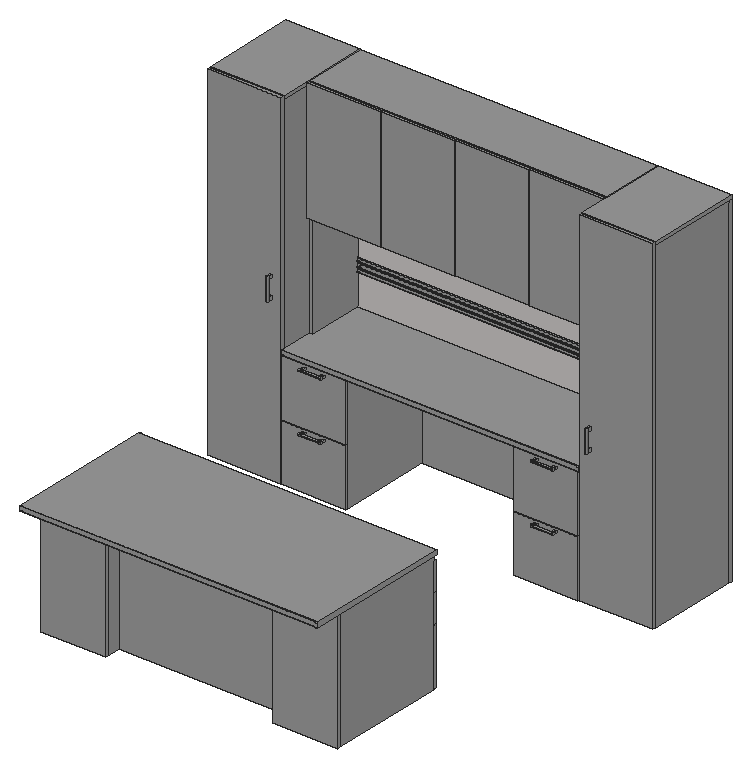
Revit family "JSI-Vision-Typical_Laminate-VST104", category Furniture, Revit 2020
Family settings
  OmniClass Number = 23.40.20.00
  OmniClass Title = General Furniture and Specialties
  Work Plane-Based = No
  Always vertical = Yes
  Cut with Voids When Loaded = No
  Shared = No
  Room Calculation Point = No
Parameters (values of type "VST104")
  URL = "www.jsifurniture.com"
  Type Comments = "Typical Laminate"  # constant formula
  Model = "VST104"
  Manufacturer = "JSI"  # constant formula
  Keynote = "12500"
  Default Elevation = 0"
  Assembly Code = "E2020200"
Reference planes (in)
  plane 1 "Center Front/Back": y = 0
  plane 2: z = 0
  plane 3 "Center Left/Right": x = 0
Dimensions and locks (in)
  aligned and locked: level to plane 2
Nested families (in)
  nested 1: "JSI-Vision-Double_Height_Overhead_Cabinets" at (17.875, 0, -0.81041), type "VST1672DSO, Laminate Dbl H OH Cab. 16" x 72", 4 Doors"
    with Verticall Partition Distance 35 3/4", Unit Centre 36", Width 72", Door Width Actual 17 25/32", Door Array Spacing 17 29/32", Door Width 17 25/32", # of Doors 4
  nested 2: "JSI-Vision-Accessory_Rail" at (17.9375, 0.22625, -4.56041), type "VSB72AR, Accessory Rail for 72" W Storage Overhead Cabinet"
    with Width 70 1/8"
  nested 3: "JSI-Vision-Tackboard_For_Accessory_Rail" at (17.9375, 0, -4.56041), type "VSB7223TKA, Tackboard for Accessory Rail Overhead Cabinet"
    with Width 70 1/8"
  nested 4: "JSI-Vision-Wardrobe" at (0, 0, 0), type "VST2418-84WL - Wardrobe - 1 Doors 30"W x 24"D x 84"H"
    with Vertical Partition no, Width 18", Unit Centre 8 15/16", Shelve Width 7 13/16", Right surface Dist. to Vertical Partition 3/4", Right Door no, Pull Distance 15 1/4", Left Shelves no, Door Width 17 3/4", Bottom-Right Shelves yes, Actual Width 17 7/8"
  nested 5: "JSI-Vision-Kneespace_Credenza" at (17.875, -0.125, 0), type "VST2472KC, Laminate Kneespace Credenza 24" x 72""
    with Height 29.187"
  nested 6: "JSI-Vision-Double_Pedestal_Desk-Break_Front_Modesty" at (53.81087, -92.15852, 0) x (-1, 0, 0) z (0, 0, 1), type "VST3672DD, Laminate 36 x 72 Dbl Ped, Brk Frnt Modesty"
    with Height 30"
  nested 7: "JSI-Vision-Storage_Cabinet" at (89.9375, 0, 0), type "VST2418-84HR, Laminate 84" H Strg Cab24" x 18""
    with Width 17.88", Unit Centre 8.8775", Shelve Width 16.255", Actual Width 17.755"
Definition of nested family "JSI-Vision-Double_Height_Overhead_Cabinets"
  Parameters (values of type "Double Height Overhead Cabbinet - Type Catalog Family")
    Verticall Partition Distance = (Door Width * 2) + 3/16"  # 29 13/16"
    Unit Centre = Width / 2  # 45"
    Top = none
    Width = 90"
    URL = "www.jsifurniture.com"
    Type Comments = ""
    Tag = "6 Doors"
    Series = "Vision Casegoods"  # constant formula
    Right Vertical Partition = yes
    Overhead Height = 26 1/2"
    Model = "Type Catalog"
    Material = ""
    Manufacturer = "JSI"  # constant formula
    Left Vertical Partition = yes
    Keynote = "12500"  # constant formula
    JSI Enviromental Website = "http://www.jsifurniture.com/jsi_sustainability_intro.php"
    Height = 54"
    Grommet Finish = none
    Gromett Height = 24 5/8"
    Door Width Actual = if(# of Doors > 4, ((Width - 1 1/8") / # of Doors), if(# of Doors > 3, (((Width - 1 1/8") / # of Doors) + 1/16"), if(# of Doors > 2, (((Width - 1 1/8") / # of Doors) + 1/8"), (((Width - 1 1/8") / # of Doors) + 1/4"))))  # 14 13/16"
    Door Array Spacing = Door Width + 1/8"  # 14 15/16"
    Door Width = Door Width Actual  # 14 13/16"
    Door Front = none
    Description = "Type Catalog"
    Depth = 16"
    Default Elevation = 0"
    Chassis = none
    Assembly Code = "E2020200"
    # of Doors = if(Width > 89", 6, (if(Width > 53", 4, (if(Width > 41", 3, (if(Width > 30", 2, 2)))))))  # 6
  Reference planes (in)
    plane 1 "Center Front/Back": y = 0
    plane 2: z = 30
    plane 3 "Center Left/Right": x = 0
    plane 4: z = 0
    plane 5: y = -0.125
    plane 6: x = 90
    plane 7: x = 0.125
    plane 8: x = 89.875
    plane 9: y = -15.5625
    plane 10: y = -16
    plane 11: z = 84.5
    plane 12: z = 84
    plane 13: x = 0.875
    plane 14: x = 89.125
    plane 15: y = -0.875
    plane 16: y = -0.9375
    plane 17: y = -1.6875
    plane 18: z = 83.75
    plane 19: z = 56.5
    plane 20: z = 57.25
    plane 21: z = 55
    plane 22: y = -14.8125
    plane 23: y = -14.0625
    plane 24: z = 70.5
    plane 25: z = 70.875
    plane 26: z = 70.125
    plane 27: x = 0.25
    plane 28: x = 89.75
    plane 29: z = 84.4375
    plane 30: z = 55.1875
    plane 31: y = -15.6875
    plane 32: y = -16.4375
    plane 33: x = 18.0625
    plane 34: x = 18.1875
    plane 35: x = 18.125
    plane 36: x = 45
    plane 37: x = 30.0625
    plane 38: x = 59.9375
    plane 39: x = 29.6875
    plane 40: x = 30.4375
    plane 41: x = 59.5625
    plane 42: x = 60.3125
    plane 43 "Not a Reference": x = 6.875
    plane 44: x = 83.125
  Forms (in)
    Extrusion 1, solid, material <- "Chassis"
      sketch origin (0, 0, 0) x (1, 0, 0) y (0, 1, 0)
        loop
          line (0.125, -0.125) -> (0.125, -15.5625) -> (0.875, -15.5625) -> (0.875, -0.125) -> (0.125, -0.125)
      from 30 to 83.75
    Extrusion 2, solid, material <- "Chassis"
      sketch origin (0, 0, 0) x (1, 0, 0) y (0, 1, 0)
        loop
          line (89.875, -0.125) -> (89.125, -0.125) -> (89.125, -15.5625) -> (89.875, -15.5625) -> (89.875, -0.125)
      from 30 to 83.75
    Extrusion 3, solid, material <- "Top"
      sketch origin (0, 0, 30) x (1, 0, 0) y (0, 0, 1)
        loop
          line (0.125, 54.5) -> (0.125, 53.75) -> (89.875, 53.75) -> (89.875, 54.5) -> (0.125, 54.5)
      from 0.125 to 15.5625
    Extrusion 4, solid, material <- "Chassis"
      sketch origin (0, 0, 30) x (1, 0, 0) y (0, 0, 1)
        loop
          line (0.875, 27.25) -> (0.875, 26.5) -> (89.125, 26.5) -> (89.125, 27.25) -> (0.875, 27.25)
      from 1.6875 to 15.5625
    Extrusion 5, solid, material <- "Chassis"
      sketch origin (0, 0, 0) x (1, 0, 0) y (0, 1, 0)
        loop
          line (0.875, -14.0625) -> (0.875, -14.8125) -> (89.125, -14.8125) -> (89.125, -14.0625) -> (0.875, -14.0625)
      from 55 to 56.5
    Extrusion 6, solid, material <- "Chassis"
      sketch origin (0, 0, 30) x (1, 0, 0) y (0, 0, 1)
        loop
          line (0.875, 40.875) -> (0.875, 40.125) -> (89.125, 40.125) -> (89.125, 40.875) -> (0.875, 40.875)
      from 1.6875 to 15.5625
    Extrusion 7, solid, material <- "Door Front"
      sketch origin (-3, 0, 30) x (1, 0, 0) y (0, 1, 0)
        loop
          line (3.25, -15.6875) -> (3.25, -16.4375) -> (18.0625, -16.4375) -> (18.0625, -15.6875) -> (3.25, -15.6875)
      from 25.1875 to 54.4375
    Extrusion 8, solid, material <- "Door Front"
      sketch origin (11.9375, 0, 30) x (1, 0, 0) y (0, 1, 0)
        loop
          line (3.25, -15.6875) -> (3.25, -16.4375) -> (18.0625, -16.4375) -> (18.0625, -15.6875) -> (3.25, -15.6875)
      from 25.1875 to 54.4375
    Extrusion 9, solid, material <- "Chassis", visible <- "Left Vertical Partition"
      sketch origin (0, 0, 0) x (1, 0, 0) y (0, 1, 0)
        loop
          line (29.6875, -1.6875) -> (29.6875, -15.5625) -> (30.4375, -15.5625) -> (30.4375, -1.6875) -> (29.6875, -1.6875)
      from 57.25 to 83.75
    Extrusion 10, solid, material <- "Chassis", visible <- "Right Vertical Partition"
      sketch origin (0, 0, 0) x (1, 0, 0) y (0, 1, 0)
        loop
          line (59.5625, -1.6875) -> (59.5625, -15.5625) -> (60.3125, -15.5625) -> (60.3125, -1.6875) -> (59.5625, -1.6875)
      from 57.25 to 83.75
    Extrusion 11, solid, material <- "Chassis"
      sketch origin (130.61992, -0.9375, 78) x (1, 0, 0) y (0, 0, 1)
        loop
          line (-129.74492, 5.75) -> (-129.74492, -48) -> (-41.49492, -48) -> (-41.49492, 5.75) -> (-129.74492, 5.75)
        loop
          circle (-117.11978, -22.09427) r 0.33594
        loop
          circle (-54.12006, -22.09427) r 0.33594
      from 0 to 0.75
    Extrusion 12, solid, material <- "Door Front"
      sketch origin (26.875, 0, 30) x (1, 0, 0) y (0, 1, 0)
        loop
          line (3.25, -15.6875) -> (3.25, -16.4375) -> (18.0625, -16.4375) -> (18.0625, -15.6875) -> (3.25, -15.6875)
      from 25.1875 to 54.4375
    Extrusion 13, solid, material <- "Door Front"
      sketch origin (41.8125, 0, 30) x (1, 0, 0) y (0, 1, 0)
        loop
          line (3.25, -15.6875) -> (3.25, -16.4375) -> (18.0625, -16.4375) -> (18.0625, -15.6875) -> (3.25, -15.6875)
      from 25.1875 to 54.4375
    Extrusion 14, solid, material <- "Door Front"
      sketch origin (56.75, 0, 30) x (1, 0, 0) y (0, 1, 0)
        loop
          line (3.25, -15.6875) -> (3.25, -16.4375) -> (18.0625, -16.4375) -> (18.0625, -15.6875) -> (3.25, -15.6875)
      from 25.1875 to 54.4375
    Extrusion 15, solid, material <- "Door Front"
      sketch origin (71.6875, 0, 30) x (1, 0, 0) y (0, 1, 0)
        loop
          line (3.25, -15.6875) -> (3.25, -16.4375) -> (18.0625, -16.4375) -> (18.0625, -15.6875) -> (3.25, -15.6875)
      from 25.1875 to 54.4375
  Lines and regions (in)
    symbolic lines
      curve 1: line (0.125, -0.125, 0) -> (0.125, -15.5625, 0)
      curve 2: line (0.125, -15.5625, 0) -> (89.875, -15.5625, 0)
      curve 3: line (89.875, -15.5625, 0) -> (89.875, -0.125, 0)
      curve 4: line (89.875, -0.125, 0) -> (0.125, -0.125, 0)
      curve 5: line (0.25, -15.6875, 0) -> (15.0625, -15.6875, 0)
      curve 6: line (0.25, -16.4375, 0) -> (0.25, -15.6875, 0)
      curve 7: line (15.0625, -16.4375, 0) -> (0.25, -16.4375, 0)
      curve 8: line (15.0625, -15.6875, 0) -> (15.0625, -16.4375, 0)
      curve 9: line (15.1875, -15.6875, 0) -> (30, -15.6875, 0)
      curve 10: line (15.1875, -16.4375, 0) -> (15.1875, -15.6875, 0)
      curve 11: line (30, -16.4375, 0) -> (15.1875, -16.4375, 0)
      curve 12: line (30, -15.6875, 0) -> (30, -16.4375, 0)
      curve 13: line (30.125, -15.6875, 0) -> (44.9375, -15.6875, 0)
      curve 14: line (30.125, -16.4375, 0) -> (30.125, -15.6875, 0)
      curve 15: line (44.9375, -16.4375, 0) -> (30.125, -16.4375, 0)
      curve 16: line (44.9375, -15.6875, 0) -> (44.9375, -16.4375, 0)
      curve 17: line (45.0625, -15.6875, 0) -> (59.875, -15.6875, 0)
      curve 18: line (45.0625, -16.4375, 0) -> (45.0625, -15.6875, 0)
      curve 19: line (59.875, -16.4375, 0) -> (45.0625, -16.4375, 0)
      curve 20: line (59.875, -15.6875, 0) -> (59.875, -16.4375, 0)
      curve 21: line (60, -15.6875, 0) -> (74.8125, -15.6875, 0)
      curve 22: line (60, -16.4375, 0) -> (60, -15.6875, 0)
      curve 23: line (74.8125, -16.4375, 0) -> (60, -16.4375, 0)
      curve 24: line (74.8125, -15.6875, 0) -> (74.8125, -16.4375, 0)
      curve 25: line (74.9375, -15.6875, 0) -> (89.75, -15.6875, 0)
      curve 26: line (74.9375, -16.4375, 0) -> (74.9375, -15.6875, 0)
      curve 27: line (89.75, -16.4375, 0) -> (74.9375, -16.4375, 0)
      curve 28: line (89.75, -15.6875, 0) -> (89.75, -16.4375, 0)
  Dimensions and locks (in)
    plane 3 "Center Left/Right" to plane 7 to plane 27 = 1/8" locked, 1/8" locked
    plane 28 to plane 8 to plane 6 = 1/8" locked, 1/8" locked
    locked: plane 5 to plane 1 "Center Front/Back" at 0.125
    plane 10 to plane 9 to plane 22 to plane 23 = 7/16" locked, 3/4" locked, 3/4" locked
    "Width": plane 3 "Center Left/Right" to plane 6
    "Depth": plane 10 to plane 1 "Center Front/Back"
    locked: plane 11 to plane 12 at 0.5
    locked: plane 7 to plane 13 at 0.75
    locked: plane 14 to plane 8 at 0.75
    locked: plane 15 to plane 5 at 0.75
    plane 17 to plane 16 to plane 5 = 3/4" locked, 13/16" locked
    locked: plane 11 to plane 18 at 0.75
    plane 20 to plane 19 to plane 21 = 3/4" locked, 1 1/2" locked
    equal spacing: plane 18, plane 24, plane 20
    plane 25 to plane 24 to plane 26 = 3/8" locked, 3/8" locked
    locked: plane 11 to plane 29 at 0.0625
    locked: plane 30 to plane 21 at 0.1875
    plane 32 to plane 31 to plane 9 = 3/4" locked, 1/8" locked
    plane 33 to plane 35 to plane 34 = 1/16" locked, 1/16" locked
    "Door Width": Extrusion 7 sketch curve to Extrusion 7 sketch curve
    "Door Width": Extrusion 8 sketch curve to Extrusion 8 sketch curve
    equal spacing: group 1, group 2, group 3, group 4, group 5, group 6  (x3)
    "Door Array Spacing": Extrusion 7 to Extrusion 8
    "Verticall Partition Distance": plane 27 to plane 37
    plane 39 to plane 37 to plane 40 = 3/8" locked, 3/8" locked
    plane 41 to plane 38 to plane 42 = 3/8" locked, 3/8" locked
    "Verticall Partition Distance": plane 38 to plane 28
    "Unit Centre": plane 3 "Center Left/Right" to plane 36
    locked: plane 13 to plane 43 "Not a Reference" at 6
    locked: plane 44 to plane 14 at 6
    locked: plane 12 to plane 2 at 54
    "Overhead Height": plane 19 to plane 2
    plane 2 to level = 30"
    "Door Width": Extrusion 12 sketch curve to Extrusion 12 sketch curve
    "Door Width": Extrusion 13 sketch curve to Extrusion 13 sketch curve
    "Door Width": Extrusion 14 sketch curve to Extrusion 14 sketch curve
    "Door Width": Extrusion 15 sketch curve to Extrusion 15 sketch curve
    locked: Extrusion 11 sketch curve to Extrusion 11 sketch curve at 12.62514  (x2)
    locked: Extrusion 11 sketch curve to Extrusion 11 sketch curve at 27.84427  (x2)
    aligned and locked: plane 5 to Extrusion 1 sketch curve
    aligned and locked: plane 7 to Extrusion 1 sketch curve
    aligned and locked: Extrusion 1 sketch curve to plane 13
    aligned and locked: Extrusion 2 sketch curve to plane 5
    aligned and locked: plane 8 to Extrusion 2 sketch curve
    aligned and locked: Extrusion 2 sketch curve to plane 14
    aligned and locked: Extrusion 3 sketch curve to plane 11
    aligned and locked: plane 7 to Extrusion 3 sketch curve
    aligned and locked: Extrusion 3 to plane 5
    aligned and locked: plane 9 to Extrusion 1
    aligned and locked: plane 9 to Extrusion 2
    aligned and locked: plane 9 to Extrusion 3
    aligned and locked: Extrusion 4 sketch curve to plane 20
    aligned and locked: plane 13 to Extrusion 4 sketch curve
    aligned and locked: plane 19 to Extrusion 4 sketch curve
    aligned and locked: Extrusion 4 sketch curve to plane 14
    aligned and locked: Extrusion 4 to plane 17
    aligned and locked: plane 9 to Extrusion 4
    aligned and locked: plane 23 to Extrusion 5 sketch curve
    aligned and locked: plane 13 to Extrusion 5 sketch curve
    aligned and locked: Extrusion 5 sketch curve to plane 22
    aligned and locked: Extrusion 5 sketch curve to plane 14
    aligned and locked: plane 19 to Extrusion 5
    aligned and locked: Extrusion 5 to plane 21
    aligned and locked: Extrusion 6 sketch curve to plane 25
    aligned and locked: plane 13 to Extrusion 6 sketch curve
    aligned and locked: plane 26 to Extrusion 6 sketch curve
    aligned and locked: Extrusion 6 sketch curve to plane 14
    aligned and locked: Extrusion 6 to plane 17
    aligned and locked: plane 9 to Extrusion 6
    aligned and locked: plane 29 to Extrusion 7
    aligned and locked: Extrusion 7 to plane 30
    aligned and locked: Extrusion 7 to plane 27
    aligned and locked: plane 17 to Extrusion 9 sketch curve
    aligned and locked: plane 39 to Extrusion 9 sketch curve
    aligned and locked: Extrusion 9 sketch curve to plane 9
    aligned and locked: Extrusion 9 sketch curve to plane 40
    aligned and locked: plane 17 to Extrusion 10 sketch curve
    aligned and locked: plane 41 to Extrusion 10 sketch curve
    aligned and locked: Extrusion 10 sketch curve to plane 9
    aligned and locked: Extrusion 10 sketch curve to plane 42
    aligned and locked: plane 18 to Extrusion 9
    aligned and locked: Extrusion 9 to plane 20
    aligned and locked: plane 18 to Extrusion 10
    aligned and locked: Extrusion 10 to plane 20
    aligned and locked: Extrusion 1 to Extrusion 11 sketch curve
    aligned and locked: Extrusion 11 sketch curve to Extrusion 2
    aligned and locked: Extrusion 11 to plane 16
    aligned and locked: plane 17 to Extrusion 11
    aligned and locked: plane 36 to nested 1
    aligned and locked: plane 32 to nested 1
    aligned and locked: plane 18 to Extrusion 1
    aligned and locked: plane 18 to Extrusion 2
    aligned and locked: plane 29 to Extrusion 8
    aligned and locked: curve 5 to Extrusion 7
    aligned and locked: curve 6 to Extrusion 7
    aligned and locked: curve 7 to Extrusion 7
    aligned and locked: curve 8 to Extrusion 7
    aligned and locked: curve 9 to Extrusion 8
    aligned and locked: curve 10 to Extrusion 8
    aligned and locked: curve 11 to Extrusion 8
    aligned and locked: curve 12 to Extrusion 8
    aligned and locked: Extrusion 11 to plane 2
    aligned and locked: plane 18 to Extrusion 11
    aligned and locked: curve 13 to Extrusion 12
    aligned and locked: curve 14 to Extrusion 12
    aligned and locked: curve 15 to Extrusion 12
    aligned and locked: curve 16 to Extrusion 12
    aligned and locked: curve 17 to Extrusion 13
    aligned and locked: curve 18 to Extrusion 13
    aligned and locked: curve 19 to Extrusion 13
    aligned and locked: curve 20 to Extrusion 13
    aligned and locked: curve 21 to Extrusion 14
    aligned and locked: curve 22 to Extrusion 14
    aligned and locked: curve 23 to Extrusion 14
    aligned and locked: curve 24 to Extrusion 14
    aligned and locked: curve 25 to Extrusion 15
    aligned and locked: curve 26 to Extrusion 15
    aligned and locked: curve 27 to Extrusion 15
    aligned and locked: curve 28 to Extrusion 15
  Automatic sketch dimensions
    Extrusion 1 sketch curve to plane 10 = 7/16"
    Extrusion 3 sketch curve to plane 8 = 0"
    Extrusion 3 sketch curve to plane 18 = 0"
    plane 9 to Extrusion 2 sketch curve = 0"
    Extrusion 7 sketch curve to Extrusion 7 sketch curve = 3/4"
    Extrusion 8 sketch curve to Extrusion 8 sketch curve = 3/4"
    curve 1 to plane 7 = 0"
    plane 5 to curve 3 = 0"
    curve 4 to plane 8 = 0"
    plane 9 to curve 1 = 0"
    curve 6 to curve 7 = 14 13/16"
    curve 6 to curve 6 = 3/4"
    curve 10 to curve 11 = 14 13/16"
    curve 10 to curve 10 = 3/4"
    Extrusion 12 sketch curve to Extrusion 12 sketch curve = 3/4"
    curve 14 to curve 15 = 14 13/16"
    curve 14 to curve 14 = 3/4"
    Extrusion 13 sketch curve to Extrusion 13 sketch curve = 3/4"
    curve 18 to curve 19 = 14 13/16"
    curve 18 to curve 18 = 3/4"
    Extrusion 14 sketch curve to Extrusion 14 sketch curve = 3/4"
    curve 22 to curve 23 = 14 13/16"
    curve 22 to curve 22 = 3/4"
    Extrusion 15 sketch curve to Extrusion 15 sketch curve = 3/4"
    curve 26 to curve 27 = 14 13/16"
    curve 26 to curve 26 = 3/4"
    Extrusion 11 sketch curve to plane 2 = 0"
    Extrusion 11 sketch curve to plane 18 = 0"
    radius of Extrusion 11 sketch curve = 43/128"  (x2)
  Nested families (in)
    nested 1: "Label 1-16 OH" at (45, -16.4375, 0), type "OH DOORS"
  Definition of nested family "Label 1-16 OH"
    Parameters
      Width = 1"
      Model Name = "XX"
    Reference planes (in)
      plane 1: y = 0
      plane 2: x = 0
    Text (in)
      label "XX" at (0.00051, -0.12324, 0), shows "Model Name"
Definition of nested family "JSI-Vision-Accessory_Rail"
  Parameters (values of type "Accessory Rail - Type Catalog Family")
    Width = 28 1/8"
    URL = "www.jsifurniture.com"
    Type Comments = ""
    Series = "Vision Casegoods"  # constant formula
    Tray Finish = none
    Model = "Type Catalog"
    Material = ""
    Manufacturer = "JSI"  # constant formula
    Keynote = "12500"  # constant formula
    JSI Enviromental Website = "http://www.jsifurniture.com/jsi_sustainability_intro.php"
    Height = 3 1/4"
    Description = "Type Catalog"
    Depth = 0.765"
    Default Elevation = 0"
    Assembly Code = "E2020200"
  Reference planes (in)
    plane 1 "Center Front/Back": y = 0
    plane 2: z = 0
    plane 3 "Center Left/Right": x = 0
    plane 4: z = 0
    plane 5: x = 29.0625
    plane 6: y = -1.6875
    plane 7: x = 0.9375
    plane 8: x = 30
    plane 9: y = -2.515
    plane 10: z = 41.25
  Forms (in)
    Extrusion 1, solid, material <- "Tray Finish"
      sketch origin (0, -3.70702, 41.25) x (0, 1, 0) y (0, 0, 1)
        loop
          arc (1.89452, 0) -> (1.98291, 0.03661) -> (2.01952, 0.125) r 0.125
          line (2.01952, 0.125) -> (2.01952, 0.71892)
          arc (2.01952, 0.71892) -> (2.01037, 0.74102) -> (1.98827, 0.75017) r 0.03125
          line (1.98827, 0.75017) -> (1.86277, 0.75017)
          arc (1.86277, 0.75017) -> (1.83152, 0.71892) -> (1.86277, 0.68767) r 0.03125
          line (1.86277, 0.68767) -> (1.95702, 0.68767) -> (1.95702, 0.43142) -> (1.63702, 0.43142) -> (1.63702, 1.43892) -> (1.95702, 1.43892) -> (1.95702, 1.18267) -> (1.86277, 1.18267)
          arc (1.86277, 1.18267) -> (1.83152, 1.15142) -> (1.86277, 1.12017) r 0.03125
          line (1.86277, 1.12017) -> (1.98827, 1.12017)
          arc (1.98827, 1.12017) -> (2.01037, 1.12933) -> (2.01952, 1.15142) r 0.03125
          line (2.01952, 1.15142) -> (2.01952, 2.08505)
          arc (2.01952, 2.08505) -> (2.01037, 2.10715) -> (1.98827, 2.1163) r 0.03125
          line (1.98827, 2.1163) -> (1.92577, 2.1163) -> (1.92577, 2.0538) -> (1.95702, 2.0538) -> (1.95702, 1.8243) -> (1.63702, 1.8243) -> (1.63702, 2.81905) -> (1.95702, 2.81905) -> (1.95702, 2.56917) -> (1.92577, 2.56917) -> (1.92577, 2.50667) -> (1.98827, 2.50667)
          arc (1.98827, 2.50667) -> (2.01037, 2.51583) -> (2.01952, 2.53792) r 0.03125
          line (2.01952, 2.53792) -> (2.01952, 3.125)
          arc (2.01952, 3.125) -> (1.98291, 3.21339) -> (1.89452, 3.25) r 0.125
          line (1.89452, 3.25) -> (1.31702, 3.25)
          arc (1.31702, 3.25) -> (1.22863, 3.21339) -> (1.19202, 3.125) r 0.125
          line (1.19202, 3.125) -> (1.19202, 2.53792)
          arc (1.19202, 2.53792) -> (1.20117, 2.51583) -> (1.22327, 2.50667) r 0.03125
          line (1.22327, 2.50667) -> (1.28577, 2.50667) -> (1.28577, 2.56917) -> (1.25452, 2.56917) -> (1.25452, 2.81905) -> (1.57452, 2.81905) -> (1.57452, 1.8243) -> (1.25452, 1.8243) -> (1.25452, 2.0538) -> (1.28577, 2.0538) -> (1.28577, 2.1163) -> (1.22327, 2.1163)
          arc (1.22327, 2.1163) -> (1.20117, 2.10715) -> (1.19202, 2.08505) r 0.03125
          line (1.19202, 2.08505) -> (1.19202, 1.15142)
          arc (1.19202, 1.15142) -> (1.20117, 1.12933) -> (1.22327, 1.12017) r 0.03125
          line (1.22327, 1.12017) -> (1.34877, 1.12017)
          arc (1.34877, 1.12017) -> (1.38002, 1.15142) -> (1.34877, 1.18267) r 0.03125
          line (1.34877, 1.18267) -> (1.25452, 1.18267) -> (1.25452, 1.43892) -> (1.57452, 1.43892) -> (1.57452, 0.43142) -> (1.25452, 0.43142) -> (1.25452, 0.68767) -> (1.34877, 0.68767)
          arc (1.34877, 0.68767) -> (1.38002, 0.71892) -> (1.34877, 0.75017) r 0.03125
          line (1.34877, 0.75017) -> (1.22327, 0.75017)
          arc (1.22327, 0.75017) -> (1.20117, 0.74102) -> (1.19202, 0.71892) r 0.03125
          line (1.19202, 0.71892) -> (1.19202, 0.125)
          arc (1.19202, 0.125) -> (1.22863, 0.03661) -> (1.31702, 0) r 0.125
          line (1.31702, 0) -> (1.89452, 0)
      from 0.9375 to 29.0625
  Lines and regions (in)
    symbolic lines
      curve 1: line (0.9375, -1.6875, 0) -> (29.0625, -1.6875, 0)
      curve 2: line (0.9375, -2.515, 0) -> (0.9375, -1.6875, 0)
      curve 3: line (29.0625, -2.515, 0) -> (0.9375, -2.515, 0)
      curve 4: line (29.0625, -1.6875, 0) -> (29.0625, -2.515, 0)
  Dimensions and locks (in)
    "Width": plane 7 to plane 5
    locked: plane 3 "Center Left/Right" to plane 7 at 0.9375
    locked: plane 5 to plane 8 at 0.9375
    plane 1 "Center Front/Back" to plane 6 to plane 9 = 1 11/16" locked, 0.8275" locked
    aligned and locked: level to plane 2
    aligned and locked: plane 4 to plane 2
    aligned and locked: Extrusion 1 to plane 7
    aligned and locked: plane 5 to Extrusion 1
    aligned and locked: plane 9 to Extrusion 1
    aligned and locked: curve 4 to plane 5
    aligned and locked: plane 7 to curve 2
  Automatic sketch dimensions
    curve 3 to plane 9 = 0"
    curve 2 to plane 6 = 0"
    Extrusion 1 sketch curve to plane 9 = 0"  (x3)
    Extrusion 1 sketch curve to plane 10 = 0"
    Extrusion 1 sketch curve to plane 6 = 0"  (x3)
    plane 9 to Extrusion 1 sketch curve = 1/32"  (x4)
    plane 9 to Extrusion 1 sketch curve = 1/16"  (x2)
    Extrusion 1 sketch curve to Extrusion 1 sketch curve = 1/32"  (x15)
    Extrusion 1 sketch curve to Extrusion 1 sketch curve = 1/16"  (x4)
    plane 9 to Extrusion 1 sketch curve = 1/8"  (x2)
    Extrusion 1 sketch curve to Extrusion 1 sketch curve = 0.09425"  (x2)
    Extrusion 1 sketch curve to plane 6 = 0.15675"  (x2)
    Extrusion 1 sketch curve to plane 6 = 3/32"  (x2)
    Extrusion 1 sketch curve to plane 6 = 1/16"
    Extrusion 1 sketch curve to plane 6 = 1/32"  (x2)
    Extrusion 1 sketch curve to Extrusion 1 sketch curve = 0"  (x3)
    Extrusion 1 sketch curve to Extrusion 1 sketch curve = 0.25625"  (x3)
    Extrusion 1 sketch curve to Extrusion 1 sketch curve = 0.37"  (x2)
    Extrusion 1 sketch curve to Extrusion 1 sketch curve = 0.2295"  (x2)
    Extrusion 1 sketch curve to Extrusion 1 sketch curve = 0.39037"  (x2)
    Extrusion 1 sketch curve to Extrusion 1 sketch curve = 0.24987"
    Extrusion 1 sketch curve to Extrusion 1 sketch curve = 0.24988"
    Extrusion 1 sketch curve to Extrusion 1 sketch curve = 0.32"  (x2)
    Extrusion 1 sketch curve to Extrusion 1 sketch curve = 0.30595"
    Extrusion 1 sketch curve to plane 6 = 1/8"
    Extrusion 1 sketch curve to Extrusion 1 sketch curve = 1/8"
    Extrusion 1 sketch curve to Extrusion 1 sketch curve = 0.30643"
    Extrusion 1 sketch curve to Extrusion 1 sketch curve = 0.38537"
Definition of nested family "JSI-Vision-Tackboard_For_Accessory_Rail"
  Parameters (values of type "Tackboard for Accessory Rail - Type Catalog Family")
    Tackboard = none
    Width = 28 1/8"
    URL = "www.jsifurniture.com"
    Type Comments = ""
    Series = "Vision Casegoods"  # constant formula
    Model = "Type Catalog"
    Material = ""
    Manufacturer = "JSI"  # constant formula
    Keynote = "12500"  # constant formula
    JSI Enviromental Website = "http://www.jsifurniture.com/jsi_sustainability_intro.php"
    Height = 19"
    Description = "Type Catalog"
    Depth = 3/8"
    Default Elevation = 0"
    Assembly Code = "E2020200"
  Reference planes (in)
    plane 1 "Center Front/Back": y = 0
    plane 2: z = 0
    plane 3 "Center Left/Right": x = 0
    plane 4: z = 0
    plane 5: x = 0.9375
    plane 6: x = 29.0625
    plane 7: y = -1.6875
    plane 8: z = 33.75
    plane 9: x = 30
    plane 10: z = 41.25
    plane 11: y = -2.0625
    plane 12: z = 44.5
    plane 13: z = 52.75
  Forms (in)
    Extrusion 1, solid, material <- "Tackboard"
      sketch origin (0, 0, 0) x (1, 0, 0) y (0, 0, 1)
        loop
          line (0.9375, 52.75) -> (0.9375, 44.5) -> (29.0625, 44.5) -> (29.0625, 52.75) -> (0.9375, 52.75)
        loop
          line (0.9375, 41.25) -> (0.9375, 33.75) -> (29.0625, 33.75) -> (29.0625, 41.25) -> (0.9375, 41.25)
      from 1.6875 to 2.0625
  Lines and regions (in)
    symbolic lines
      curve 1: line (0.9375, -1.6875, 0) -> (29.0625, -1.6875, 0)
      curve 2: line (0.9375, -2.0625, 0) -> (0.9375, -1.6875, 0)
      curve 3: line (29.0625, -2.0625, 0) -> (0.9375, -2.0625, 0)
      curve 4: line (29.0625, -1.6875, 0) -> (29.0625, -2.0625, 0)
  Dimensions and locks (in)
    "Width": plane 5 to plane 6
    plane 8 to level = 33 3/4"
    plane 10 to plane 8 = 7 1/2"
    plane 12 to plane 10 = 3 1/4"
    plane 13 to plane 12 = 8 1/4"
    locked: plane 3 "Center Left/Right" to plane 5 at 0.9375
    locked: plane 6 to plane 9 at 0.9375
    plane 1 "Center Front/Back" to plane 7 to plane 11 = 1 11/16" locked, 3/8" locked
    aligned and locked: level to plane 2
    aligned and locked: plane 7 to Extrusion 1
    aligned and locked: Extrusion 1 to plane 11
  Automatic sketch dimensions
    curve 3 to plane 5 = 0"
    curve 3 to plane 6 = 0"
    curve 3 to plane 11 = 0"
    curve 2 to plane 7 = 0"
    Extrusion 1 sketch curve to plane 5 = 0"  (x2)
    Extrusion 1 sketch curve to plane 6 = 0"  (x2)
    Extrusion 1 sketch curve to plane 8 = 0"
    Extrusion 1 sketch curve to plane 10 = 0"
    Extrusion 1 sketch curve to plane 12 = 0"
    Extrusion 1 sketch curve to plane 13 = 0"
Definition of nested family "JSI-Vision-Wardrobe"
  Parameters (values of type "Type Catalog")
    Vertical Partition = yes
    Top-Right Shelve = yes
    Top = none
    Width = 36"
    Unit Centre = Actual Width / 2  # 17 15/16"
    URL = "www.jsifurniture.com"
    Type Comments = ""
    Tag = "Storage/Wardrobe"
    Shelve Width = (Actual Width - 2 1/4") / 2  # 16 13/16"
    Shelve Depth = Depth - 2 13/16"  # 21 3/16"
    Series = "Vision Casegoods"  # constant formula
    Right surface Dist. to Vertical Partition = if(Vertical Partition, (Unit Centre + 3/8"), 3/4")  # 18 5/16"
    Right Door = yes
    Pull Finish = none
    Pull Distance = Door Width - 2 1/2"  # 15 5/16"
    Model = "Type Catalog"
    Material = ""
    Manufacturer = "JSI"  # constant formula
    Left Shelves = yes
    Left Door = yes
    Keynote = "12500"
    JSI Enviromental Website = "http://www.jsifurniture.com/jsi_sustainability_intro.php"
    Height = 84"
    Hanging Bar Distance = if(Height > 72", (Adjustable Shelves Array Distance + 6 3/4"), 6 3/4")  # 20 3/8"
    Door Width = if(Vertical Partition, ((Actual Width - (1/4")) / 2), (Actual Width - 1/8"))  # 17 13/16"
    Door Front = none
    Description = "Type Catalog"
    Depth = 24"
    Default Elevation = 0"
    Chassis = none
    Bottom-Right Shelves = no
    Assembly Code = "E2020200"
    Adjustable Shelves Array Distance = (Actual Height - 1 15/16") / (# of Adjustable Shelves + 1)  # 13 5/8"
    Actual Width = Width - 1/8"  # 35 7/8"
    Actual Height = if(Height > 54", (Height - 5/16"), (if(Height > 42", (Height + 1 1/8"), if(Height > 30", (Height - 3/8"), (Height - 13/16")))))  # 83 11/16"
    # of Adjustable Shelves = if(Height > 72", 5, 4)  # 5
  Reference planes (in)
    plane 1 "Center Front/Back": y = 0
    plane 2: z = 0
    plane 3 "Center Left/Right": x = 0
    plane 4: z = 0
    plane 5: x = 35.875
    plane 6: y = -0.125
    plane 7: y = -23
    plane 8: z = 83.6875
    plane 9: y = -0.875
    plane 10: y = -22.8125
    plane 11: y = -22.0625
    plane 12: x = 0.75
    plane 13: x = 35.125
    plane 14: z = 1.1875
    plane 15: z = 1.9375
    plane 16: z = 82.9375
    plane 17: z = 83.3125
    plane 18: z = 15.1875
    plane 19: z = 28.8125
    plane 20: z = 42.4375
    plane 21: z = 56.0625
    plane 22: z = 69.6875
    plane 23: z = 70.0625
    plane 24: z = 69.3125
    plane 25: z = 56.4375
    plane 26: z = 55.6875
    plane 27: z = 42.8125
    plane 28: z = 42.0625
    plane 29: z = 29.1875
    plane 30: z = 28.4375
    plane 31: z = 15.5625
    plane 32: z = 14.8125
    plane 33: x = 17.9375
    plane 34: x = 0.0625
    plane 35: x = 35.8125
    plane 36: x = 18
    plane 37: x = 17.875
    plane 38: z = 0.125
    plane 39: y = -23.125
    plane 40: y = -23.875
    plane 41: z = 1.5625
    plane 42: x = 18.3125
    plane 43: x = 17.5625
    plane 44: y = -24
    plane 45: z = 83.625
    plane 46: z = 63.3125
    plane 47: y = -11.5625
    plane 48: z = 41.84375
    plane 49: x = 20.5
    plane 50: x = 15.375
    plane 51: z = 20.3125
    plane 52: z = 19.5625
    plane 53: x = 18.3125
  Forms (in)
    Extrusion 1, solid, material <- "Chassis"
      sketch origin (0, 0, 0) x (1, 0, 0) y (0, 1, 0)
        loop
          line (0, -0.125) -> (0, -0.875) -> (35.875, -0.875) -> (35.875, -0.125) -> (0, -0.125)
      from 0 to 82.9375
    Extrusion 2, solid, material <- "Chassis"
      sketch origin (0, 0, 0) x (1, 0, 0) y (0, 1, 0)
        loop
          line (0, -0.875) -> (0, -23) -> (0.75, -23) -> (0.75, -0.875) -> (0, -0.875)
      from 0 to 82.9375
    Extrusion 3, solid, material <- "Chassis"
      sketch origin (0, 0, 0) x (1, 0, 0) y (0, 1, 0)
        loop
          line (35.125, -0.875) -> (35.125, -23) -> (35.875, -23) -> (35.875, -0.875) -> (35.125, -0.875)
      from 0 to 82.9375
    Extrusion 4, solid, material <- "Top"
      sketch origin (0, 0, 0) x (0, 1, 0) y (0, 0, 1)
        loop
          line (-0.125, 83.6875) -> (-23, 83.6875) -> (-23, 82.9375) -> (-0.125, 82.9375) -> (-0.125, 83.6875)
      from 0 to 35.875
    Extrusion 5, solid, material <- "Chassis"
      sketch origin (0, 0, 0) x (0, 1, 0) y (0, 0, 1)
        loop
          line (-0.875, 1.9375) -> (-22.0625, 1.9375) -> (-22.0625, 1.1875) -> (-0.875, 1.1875) -> (-0.875, 1.9375)
      from 0.75 to 35.125
    Extrusion 6, solid, material <- "Chassis"
      sketch origin (0, 0, 0) x (0, 1, 0) y (0, 0, 1)
        loop
          line (-22.0625, 1.9375) -> (-22.8125, 1.9375) -> (-22.8125, 0) -> (-22.0625, 0) -> (-22.0625, 1.9375)
      from 0.75 to 35.125
    Extrusion 7, solid, material <- "Door Front", visible <- "Left Door"
      sketch origin (0, 0, 0) x (1, 0, 0) y (0, 1, 0)
        loop
          line (0.0625, -23.125) -> (0.0625, -23.875) -> (17.875, -23.875) -> (17.875, -23.125) -> (0.0625, -23.125)
      from 0.125 to 83.625
    Extrusion 8, solid, material <- "Door Front", visible <- "Right Door"
      sketch origin (0, 0, 0) x (1, 0, 0) y (0, 1, 0)
        loop
          line (18, -23.125) -> (18, -23.875) -> (35.8125, -23.875) -> (35.8125, -23.125) -> (18, -23.125)
      from 0.125 to 83.625
    Extrusion 9, solid, material <- "Chassis", visible <- "Vertical Partition"
      sketch origin (0, 0, 0) x (1, 0, 0) y (0, 1, 0)
        loop
          line (17.5625, -0.875) -> (17.5625, -23) -> (18.3125, -23) -> (18.3125, -0.875) -> (17.5625, -0.875)
      from 1.9375 to 82.9375
    Extrusion 10, solid, material <- "Chassis", visible <- "Left Shelves"
      sketch origin (0, 0, 0) x (0, 1, 0) y (0, 0, 1)
        loop
          line (-0.875, 15.5625) -> (-22.0625, 15.5625) -> (-22.0625, 14.8125) -> (-0.875, 14.8125) -> (-0.875, 15.5625)
      from 0.75 to 17.5625
    Extrusion 11, solid, material <- "Chassis", visible <- "Top-Right Shelve"
      sketch origin (0, 0, 0) x (0, 1, 0) y (0, 0, 1)
        loop
          line (-0.875, 70.0625) -> (-22.0625, 70.0625) -> (-22.0625, 69.3125) -> (-0.875, 69.3125) -> (-0.875, 70.0625)
      from 18.3125 to 35.125
    Extrusion 12, solid, material <- "Pull Finish"
      sketch origin (0, 0, 0) x (0, 1, 0) y (0, 0, 1)
        loop
          circle (-11.5625, 63.3125) r 0.5
      from 18.3125 to 35.125
    Extrusion 13, solid, material <- "Chassis", visible <- "Left Shelves"
      sketch origin (0, 0, 13.625) x (0, 1, 0) y (0, 0, 1)
        loop
          line (-0.875, 15.5625) -> (-22.0625, 15.5625) -> (-22.0625, 14.8125) -> (-0.875, 14.8125) -> (-0.875, 15.5625)
      from 0.75 to 17.5625
    Extrusion 14, solid, material <- "Chassis", visible <- "Left Shelves"
      sketch origin (0, 0, 27.25) x (0, 1, 0) y (0, 0, 1)
        loop
          line (-0.875, 15.5625) -> (-22.0625, 15.5625) -> (-22.0625, 14.8125) -> (-0.875, 14.8125) -> (-0.875, 15.5625)
      from 0.75 to 17.5625
    Extrusion 15, solid, material <- "Chassis", visible <- "Left Shelves"
      sketch origin (0, 0, 40.875) x (0, 1, 0) y (0, 0, 1)
        loop
          line (-0.875, 15.5625) -> (-22.0625, 15.5625) -> (-22.0625, 14.8125) -> (-0.875, 14.8125) -> (-0.875, 15.5625)
      from 0.75 to 17.5625
    Extrusion 16, solid, material <- "Chassis", visible <- "Bottom-Right Shelves"
      sketch origin (0, 0, 0) x (0, 1, 0) y (0, 0, 1)
        loop
          line (-22.0625, 29.1875) -> (-22.0625, 28.4375) -> (-0.875, 28.4375) -> (-0.875, 29.1875) -> (-22.0625, 29.1875)
      from 18.3125 to 35.125
    Extrusion 17, solid, material <- "Chassis", visible <- "Bottom-Right Shelves"
      sketch origin (0, 0, 0) x (0, 1, 0) y (0, 0, 1)
        loop
          line (-22.0625, 20.3125) -> (-22.0625, 19.5625) -> (-0.875, 19.5625) -> (-0.875, 20.3125) -> (-22.0625, 20.3125)
      from 18.3125 to 35.125
    Extrusion 18, solid, material <- "Chassis", visible <- "Left Shelves"
      sketch origin (0, 0, 54.5) x (0, 1, 0) y (0, 0, 1)
        loop
          line (-0.875, 15.5625) -> (-22.0625, 15.5625) -> (-22.0625, 14.8125) -> (-0.875, 14.8125) -> (-0.875, 15.5625)
      from 0.75 to 17.5625
  Lines and regions (in)
    symbolic lines
      curve 1: line (35.875, -0.125, 0) -> (0, -0.125, 0)
      curve 2: line (0, -0.125, 0) -> (0, -23, 0)
      curve 3: line (35.875, -23, 0) -> (35.875, -0.125, 0)
      curve 4: line (0, -23, 0) -> (35.875, -23, 0)
      curve 5: line (17.875, -23.875, 0) -> (17.875, -23.125, 0)
      curve 6: line (0.0625, -23.875, 0) -> (17.875, -23.875, 0)
      curve 7: line (17.875, -23.125, 0) -> (0.0625, -23.125, 0)
      curve 8: line (0.0625, -23.125, 0) -> (0.0625, -23.875, 0)
      curve 9: line (35.8125, -23.125, 20.3125) -> (18, -23.125, 20.3125)
      curve 10: line (18, -23.875, 20.3125) -> (35.8125, -23.875, 20.3125)
      curve 11: line (18, -23.125, 20.3125) -> (18, -23.875, 20.3125)
      curve 12: line (35.8125, -23.875, 20.3125) -> (35.8125, -23.125, 20.3125)
  Dimensions and locks (in)
    locked: plane 6 to plane 1 "Center Front/Back" at 0.125
    plane 7 to plane 10 to plane 11 = 3/16" locked, 3/4" locked
    locked: plane 3 "Center Left/Right" to plane 12 at 0.75
    locked: plane 13 to plane 5 at 0.75
    plane 15 to plane 14 to plane 4 = 3/4" locked, 1 3/16" locked
    locked: plane 8 to plane 16 at 0.75
    locked: plane 17 to plane 16 at 0.375
    plane 23 to plane 22 to plane 24 = 3/8" locked, 3/8" locked
    plane 25 to plane 21 to plane 26 = 3/8" locked, 3/8" locked
    plane 27 to plane 20 to plane 28 = 3/8" locked, 3/8" locked
    plane 29 to plane 19 to plane 30 = 3/8" locked, 3/8" locked
    plane 31 to plane 18 to plane 32 = 3/8" locked, 3/8" locked
    "Actual Width": plane 3 "Center Left/Right" to plane 5
    "Unit Centre": plane 3 "Center Left/Right" to plane 33
    "Actual Height": plane 8 to plane 4
    locked: plane 3 "Center Left/Right" to plane 34 at 0.0625
    locked: plane 35 to plane 5 at 0.0625
    plane 40 to plane 39 to plane 7 = 3/4" locked, 1/8" locked
    "Door Width": plane 34 to plane 37
    "Door Width": plane 36 to plane 35
    locked: plane 15 to plane 41 at 0.375
    plane 43 to plane 33 to plane 42 = 3/8" locked, 3/8" locked
    "Depth": plane 44 to plane 1 "Center Front/Back"
    locked: plane 44 to plane 40 at 0.125
    "Adjustable Shelves Array Distance": Extrusion 10 to plane 15
    locked: plane 8 to plane 45 at 0.0625
    "Adjustable Shelves Array Distance": plane 17 to plane 22
    equal spacing: plane 6, plane 47, plane 7
    equal spacing: plane 8, plane 48, plane 4
    "Shelve Depth": Extrusion 10 sketch curve to Extrusion 10 sketch curve
    "Shelve Depth": Extrusion 13 sketch curve to Extrusion 13 sketch curve
    equal spacing: group 1, group 2, group 3, group 4, group 5  (x3)
    "Shelve Width": Extrusion 10 to Extrusion 10
    "Shelve Depth": Extrusion 14 sketch curve to Extrusion 14 sketch curve
    "Shelve Width": Extrusion 14 to Extrusion 14
    "Shelve Depth": Extrusion 15 sketch curve to Extrusion 15 sketch curve
    "Shelve Width": Extrusion 15 to Extrusion 15
    "Shelve Width": Extrusion 13 to Extrusion 13
    "Hanging Bar Distance": plane 8 to plane 46
    "Adjustable Shelves Array Distance": Extrusion 13 to Extrusion 10
    plane 30 to plane 51 to plane 52 = 8 1/8" locked, 3/4" locked
    "Pull Distance": plane 49 to plane 35
    "Pull Distance": plane 34 to plane 50
    "Right surface Dist. to Vertical Partition": plane 53 to plane 3 "Center Left/Right"
    "Shelve Depth": Extrusion 18 sketch curve to Extrusion 18 sketch curve
    "Shelve Width": Extrusion 18 to Extrusion 18
    locked: plane 38 to plane 4 at 0.125
    radius of Extrusion 12 sketch curve = 1/2"
    aligned and locked: level to plane 2
    aligned and locked: plane 6 to Extrusion 1 sketch curve
    aligned and locked: Extrusion 1 sketch curve to plane 9
    aligned and locked: Extrusion 1 sketch curve to plane 5
    aligned and locked: plane 3 "Center Left/Right" to Extrusion 1 sketch curve
    aligned and locked: Extrusion 1 to plane 4
    aligned and locked: plane 16 to Extrusion 1
    aligned and locked: plane 3 "Center Left/Right" to Extrusion 2 sketch curve
    aligned and locked: Extrusion 2 sketch curve to plane 12
    aligned and locked: Extrusion 2 sketch curve to plane 7
    aligned and locked: plane 9 to Extrusion 2 sketch curve
    aligned and locked: plane 13 to Extrusion 3 sketch curve
    aligned and locked: Extrusion 3 sketch curve to plane 5
    aligned and locked: Extrusion 3 sketch curve to plane 7
    aligned and locked: plane 9 to Extrusion 3 sketch curve
    aligned and locked: Extrusion 2 to plane 4
    aligned and locked: Extrusion 3 to plane 4
    aligned and locked: plane 16 to Extrusion 2
    aligned and locked: plane 16 to Extrusion 3
    aligned and locked: plane 16 to Extrusion 4 sketch curve
    aligned and locked: Extrusion 4 sketch curve to plane 8
    aligned and locked: plane 6 to Extrusion 4 sketch curve
    aligned and locked: Extrusion 4 sketch curve to plane 7
    aligned and locked: Extrusion 4 to plane 3 "Center Left/Right"
    aligned and locked: plane 5 to Extrusion 4
    aligned and locked: Extrusion 5 sketch curve to plane 11
    aligned and locked: plane 14 to Extrusion 5 sketch curve
    aligned and locked: Extrusion 5 sketch curve to plane 15
    aligned and locked: plane 9 to Extrusion 5 sketch curve
    aligned and locked: Extrusion 5 to plane 12
    aligned and locked: plane 13 to Extrusion 5
    aligned and locked: plane 11 to Extrusion 6 sketch curve
    aligned and locked: Extrusion 6 sketch curve to plane 10
    aligned and locked: plane 4 to Extrusion 6 sketch curve
    aligned and locked: Extrusion 6 sketch curve to plane 15
    aligned and locked: Extrusion 6 to plane 12
    aligned and locked: plane 13 to Extrusion 6
    aligned and locked: level to plane 4
    aligned and locked: plane 33 to nested 1
    aligned and locked: plane 40 to nested 1
    aligned and locked: plane 39 to Extrusion 7 sketch curve
    aligned and locked: Extrusion 7 sketch curve to plane 40
    aligned and locked: Extrusion 7 sketch curve to plane 37
    aligned and locked: plane 34 to Extrusion 7 sketch curve
    aligned and locked: plane 39 to Extrusion 8 sketch curve
    aligned and locked: Extrusion 8 sketch curve to plane 40
    aligned and locked: Extrusion 8 sketch curve to plane 35
    aligned and locked: plane 36 to Extrusion 8 sketch curve
    aligned and locked: Extrusion 7 to plane 38
    aligned and locked: Extrusion 8 to plane 38
    aligned and locked: plane 43 to Extrusion 9 sketch curve
    aligned and locked: Extrusion 9 sketch curve to plane 42
    aligned and locked: plane 9 to Extrusion 9 sketch curve
    aligned and locked: Extrusion 9 sketch curve to plane 7
    aligned and locked: Extrusion 9 to plane 15
    aligned and locked: plane 16 to Extrusion 9
    aligned and locked: plane 45 to Extrusion 7
    aligned and locked: plane 45 to Extrusion 8
    aligned and locked: Extrusion 11 sketch curve to plane 23
    aligned and locked: plane 24 to Extrusion 11 sketch curve
    aligned and locked: plane 9 to Extrusion 11 sketch curve
    aligned and locked: Extrusion 11 sketch curve to plane 11
    aligned and locked: plane 13 to Extrusion 11
    aligned and locked: plane 13 to Extrusion 12
    aligned and locked: Extrusion 10 to plane 9
    aligned and locked: plane 50 to nested 3
    aligned and locked: plane 49 to nested 2
    aligned and locked: plane 48 to nested 3
    aligned and locked: plane 48 to nested 2
    aligned and locked: plane 43 to Extrusion 10
    aligned and locked: plane 43 to Extrusion 13
    aligned and locked: Extrusion 13 to plane 9
    aligned and locked: plane 40 to nested 3
    aligned and locked: plane 40 to nested 2
    aligned and locked: Extrusion 16 sketch curve to plane 29
    aligned and locked: plane 30 to Extrusion 16 sketch curve
    aligned and locked: plane 9 to Extrusion 16 sketch curve
    aligned and locked: Extrusion 16 sketch curve to plane 11
    aligned and locked: plane 13 to Extrusion 16
    aligned and locked: Extrusion 17 sketch curve to plane 51
    aligned and locked: plane 52 to Extrusion 17 sketch curve
    aligned and locked: Extrusion 17 sketch curve to plane 11
    aligned and locked: plane 9 to Extrusion 17 sketch curve
    aligned and locked: plane 13 to Extrusion 17
    aligned and locked: plane 53 to Extrusion 12
    aligned and locked: plane 53 to Extrusion 11
    aligned and locked: plane 53 to Extrusion 17
    aligned and locked: plane 53 to Extrusion 16
    aligned and locked: curve 1 to Extrusion 4
    aligned and locked: curve 2 to Extrusion 4
    aligned and locked: curve 3 to Extrusion 4
    aligned and locked: curve 4 to Extrusion 4
    aligned and locked: curve 5 to Extrusion 7
    aligned and locked: curve 6 to Extrusion 7
    aligned and locked: curve 7 to Extrusion 7
    aligned and locked: curve 8 to Extrusion 7
    aligned and locked: curve 9 to Extrusion 8
    aligned and locked: curve 10 to Extrusion 8
    aligned and locked: curve 11 to Extrusion 8
    aligned and locked: curve 12 to Extrusion 8
  Automatic sketch dimensions
    Extrusion 12 sketch curve to plane 46 = 0"
    Extrusion 12 sketch curve to plane 47 = 0"
    Extrusion 10 sketch curve to Extrusion 10 sketch curve = 3/4"
    Extrusion 13 sketch curve to Extrusion 13 sketch curve = 3/4"
    Extrusion 14 sketch curve to Extrusion 14 sketch curve = 3/4"
    Extrusion 15 sketch curve to Extrusion 15 sketch curve = 3/4"
    Extrusion 18 sketch curve to Extrusion 18 sketch curve = 3/4"
  Nested families (in)
    nested 1: "Label 1-16 OH" at (17.9375, -23.875, 0), type "OH DOORS"
    nested 2: "Vertical Bar Pull" at (20.5, -23.875, 41.84375), Pull Finish <- "Pull Finish", visible <- "Right Door", type "PL"
      with Pull Finish none
    nested 3: "Vertical Bar Pull" at (15.375, -23.875, 41.84375), Pull Finish <- "Pull Finish", visible <- "Left Door", type "PL"
      with Pull Finish none
  Definition of nested family "Vertical Bar Pull"
    Parameters
      Pull Finish [instance] = none
      Default Elevation = 0"
    Reference planes (in)
      plane 1 "Center Front/Back": y = 0
      plane 2: z = 0
      plane 3 "Center Left/Right": x = 0
      plane 4: x = -2.68731
      plane 5: x = -1.88731
      plane 6: x = 2.68731
      plane 7: x = 1.88731
      plane 8: y = -1
      plane 9: y = -0.85202
      plane 10: z = 2.68731
      plane 11: z = 1.88731
      plane 12: z = -1.88731
      plane 13: z = -2.68731
    Forms (in)
      Extrusion 1, solid, material <- "Pull Finish"
        sketch origin (0, 0, 0) x (0, 1, 0) y (-1, 0, 0)
          loop
            line (0, -0.2015) -> (0, 0.2015) -> (-0.85202, 0.2015)
            arc (-0.85202, 0.2015) -> (-0.75, 0) -> (-0.85202, -0.2015) r 0.25
            line (-0.85202, -0.2015) -> (0, -0.2015)
        from 1.88731 to 2.68731
      Extrusion 2, solid, material <- "Pull Finish"
        sketch origin (0, 0, 0) x (0, 1, 0) y (-1, 0, 0)
          loop
            circle (-1, 0) r 0.25
        from -2.68731 to 2.68731
      Extrusion 3, solid, material <- "Pull Finish"
        sketch origin (0, 0, 0) x (1, 0, 0) y (0, 1, 0)
          loop
            line (0.2015, 0) -> (-0.2015, 0) -> (-0.2015, -0.85202)
            arc (-0.2015, -0.85202) -> (0, -0.75) -> (0.2015, -0.85202) r 0.25
            line (0.2015, -0.85202) -> (0.2015, 0)
        from 1.88731 to 2.68731
      Extrusion 4, solid, material <- "Pull Finish"
        sketch origin (0, 0, -4.57462) x (1, 0, 0) y (0, 1, 0)
          loop
            line (0.2015, 0) -> (-0.2015, 0) -> (-0.2015, -0.85202)
            arc (-0.2015, -0.85202) -> (0, -0.75) -> (0.2015, -0.85202) r 0.25
            line (0.2015, -0.85202) -> (0.2015, 0)
        from 1.88731 to 2.68731
    Dimensions and locks (in)
      plane 4 to plane 5 to plane 3 "Center Left/Right" to plane 7 to plane 6 = 0.8" locked, 1.88731" locked, 1.88731" locked, 0.8" locked
      plane 8 to plane 9 to plane 1 "Center Front/Back" = 0.14798" locked, 0.85202" locked
      plane 13 to plane 12 to plane 2 to plane 11 to plane 10 = 0.8" locked, 1.88731" locked, 1.88731" locked, 0.8" locked
      plane 1 "Center Front/Back" to plane 9 to plane 8 = 0.85202" locked, 0.14798" locked
      aligned and locked: level to plane 2
      aligned and locked: plane 8 to Extrusion 2 sketch curve
      aligned and locked: Extrusion 3 to plane 1 "Center Front/Back"
      aligned and locked: Extrusion 1 to plane 1 "Center Front/Back"
      aligned and locked: Extrusion 4 to plane 1 "Center Front/Back"
      aligned and locked: Extrusion 3 to plane 10
      aligned and locked: Extrusion 3 to plane 11
      aligned and locked: Extrusion 2 to plane 10
      aligned and locked: Extrusion 2 to plane 13
      aligned and locked: Extrusion 4 to plane 13
      aligned and locked: Extrusion 4 to plane 12
      aligned and locked: plane 1 "Center Front/Back" to Extrusion 4
      aligned and locked: plane 1 "Center Front/Back" to Extrusion 3
      aligned and locked: Extrusion 4 to plane 9
      aligned and locked: Extrusion 3 to plane 9
  Definition of nested family "Label 1-16 OH"
    Parameters
      Width = 1"
      Model Name = "Storage/Wardrobe"
    Reference planes (in)
      plane 1: y = 0
      plane 2: x = 0
    Text (in)
      label "XX" at (0.00051, -0.12324, 0), shows "Model Name"
Definition of nested family "JSI-Vision-Kneespace_Credenza"
  Parameters (values of type "Type Catalog")
    Worksurface = none
    Width = 72"
    URL = "www.jsifurniture.com"
    Type Comments = ""
    Tag = "FF"
    Series = "Vision Casegoods"  # constant formula
    Pull Finish = none
    Model = "Type Catalog"
    Material = ""
    Manufacturer = "JSI"  # constant formula
    Keynote = "12500"
    JSI Enviromental Website = "http://www.jsifurniture.com/jsi_sustainability_intro.php"
    Height = 29 3/16"
    Grommet Finish = none
    Drawer Front = none
    Description = "Type Catalog"
    Depth = 24"
    Default Elevation = 0"
    Chassis = none
    Assembly Code = "E2020200"
  Reference planes (in)
    plane 1 "Center Front/Back": y = 0
    plane 2: z = 0
    plane 3 "Center Left/Right": x = 0
    plane 4: z = 0
    plane 5: x = 72
    plane 6: y = -24
    plane 7: x = 0.125
    plane 8: x = 0.875
    plane 9: y = -0.1875
    plane 10: y = -0.9375
    plane 11: x = 36
    plane 12: z = 28.00209
    plane 13: z = 29.18959
    plane 14: x = 71.875
    plane 15: x = 71.125
    plane 16: x = 15.3725
    plane 17: x = 15.69544
    plane 18: x = 15.7475
    plane 19: x = 15.7475
    plane 20: x = 14.9975
    plane 21: x = 0.18544
    plane 22: x = 56.2525
    plane 23: x = 57.0025
    plane 24: x = 71.81456
    plane 25: x = 7.93625
    plane 26: x = 24.3775
    plane 27: x = 41.625
    plane 28: x = 64.06375
    plane 29: x = 56.6275
    plane 30: x = 56.315
    plane 31: y = -22.9375
    plane 32: y = -22.1875
  Forms (in)
    Extrusion 1, solid, material <- "Chassis"
      sketch origin (0.125, -0.1875, 48) x (0, 1, 0) y (0, 0, 1)
        loop
          line (-0.75, -19.99791) -> (-1.2439, -19.99791) -> (-23.0625, -19.99791) -> (-23.0625, -48) -> (-0.75, -48) -> (-0.75, -19.99791)
      from 0 to 0.75
    Extrusion 2, solid, material <- "Chassis"
      sketch origin (0, 0, 0) x (1, 0, 0) y (0, 0, 1)
        loop
          line (0.125, 28.00209) -> (0.125, 0) -> (71.875, 0) -> (71.875, 28.00209) -> (35.98302, 28.00209) -> (0.125, 28.00209)
      from 0.1875 to 0.9375
    Extrusion 3, solid, material <- "Worksurface"
      sketch origin (0.125, -0.1875, 48) x (0, 1, 0) y (0, 0, 1)
        loop
          line (0.1875, -18.81041) -> (-23.6875, -18.81041)
          arc (-23.6875, -18.81041) -> (-23.77589, -18.84702) -> (-23.8125, -18.93541) r 0.125
          line (-23.8125, -18.93541) -> (-23.8125, -19.87291)
          arc (-23.8125, -19.87291) -> (-23.77589, -19.9613) -> (-23.6875, -19.99791) r 0.125
          line (-23.6875, -19.99791) -> (0.1875, -19.99791) -> (0.1875, -18.81041)
      from -0.125 to 71.875
    Extrusion 4, solid, material <- "Chassis"
      sketch origin (0.125, -0.1875, 48) x (0, 1, 0) y (0, 0, 1)
        loop
          line (-22.75, -46.125) -> (-22.75, -48) -> (-22, -48) -> (-22, -46.125) -> (-22.75, -46.125)
      from 0.75 to 14.8725
    Extrusion 5, solid, material <- "Chassis"
      sketch origin (71.875, -0.1875, 48) x (0, 1, 0) y (0, 0, -1)
        loop
          line (-0.75, 19.99791) -> (-0.75, 48) -> (-23.0625, 48) -> (-23.0625, 19.99791) -> (-1.40724, 19.99791) -> (-0.75, 19.99791)
      from 0 to 0.75
    Extrusion 6, solid, material <- "Chassis"
      sketch origin (14.9975, 4.36144, 48) x (0, 1, 0) y (0, 0, 1)
        loop
          line (-27.61144, -19.99791) -> (-27.61144, -48) -> (-5.29894, -48) -> (-5.29894, -19.99791) -> (-27.61144, -19.99791)
      from 0 to 0.75
    Extrusion 7, solid, material <- "Drawer Front"
      sketch origin (0.18544, -23.25, 48) x (0, 1, 0) y (0, 0, 1)
        loop
          line (0, -20.10902) -> (-0.75, -20.10902) -> (-0.75, -33.9375) -> (0, -33.9375) -> (0, -20.10902)
        loop
          line (0, -34.0625) -> (-0.75, -34.0625) -> (-0.75, -47.86) -> (0, -47.86) -> (0, -34.0625)
      from 0 to 15.51
    Extrusion 8, solid, material <- "Chassis"
      sketch origin (57.0025, 6.04894, 48) x (0, 1, 0) y (0, 0, -1)
        loop
          line (-29.29894, 19.99791) -> (-6.98644, 19.99791) -> (-6.98644, 48) -> (-29.29894, 48) -> (-29.29894, 19.99791)
      from 0 to 0.75
    Extrusion 9, solid, material <- "Drawer Front"
      sketch origin (71.81456, -23.25, 48) x (0, 1, 0) y (0, 0, -1)
        loop
          line (0, 20.10902) -> (0, 33.9375) -> (-0.75, 33.9375) -> (-0.75, 20.10902) -> (0, 20.10902)
        loop
          line (0, 34.0625) -> (0, 47.86) -> (-0.75, 47.86) -> (-0.75, 34.0625) -> (0, 34.0625)
      from 0 to 15.49956
    Extrusion 10, solid, material <- "Chassis"
      sketch origin (65.875, -0.1875, 48) x (0, 1, 0) y (0, 0, -1)
        loop
          line (-22.75, 46.125) -> (-22, 46.125) -> (-22, 48) -> (-22.75, 48) -> (-22.75, 46.125)
      from -5.25 to 8.8725
  Lines and regions (in)
    symbolic lines
      curve 1: line (0, -24, 0) -> (72, -24, 0)
      curve 2: line (0, 0, 0) -> (0, -24, 0)
      curve 3: line (72, 0, 0) -> (0, 0, 0)
      curve 4: line (72, -24, 0) -> (72, 0, 0)
      curve 5: line (15.3725, -24, 0) -> (15.3725, 0, 0)
      curve 6: line (56.6275, -24, 0) -> (56.6275, 0, 0)
  Dimensions and locks (in)
    "Depth": plane 1 "Center Front/Back" to plane 6
    "Width": plane 3 "Center Left/Right" to plane 5
    plane 10 to plane 9 to plane 1 "Center Front/Back" = 3/4" locked, 3/16" locked
    plane 13 to level = 29.18959"
    equal spacing: plane 3 "Center Left/Right", plane 11, plane 5
    locked: plane 12 to plane 13 at 1.1875
    locked: plane 3 "Center Left/Right" to plane 19 at 15.7475
    locked: plane 22 to plane 5 at 15.7475
    equal spacing: plane 8, plane 25, plane 20
    plane 3 "Center Left/Right" to plane 7 to plane 21 to plane 8 = 1/8" locked, 0.06044" locked, 0.68956" locked
    plane 20 to plane 16 to plane 17 to plane 19 = 3/8" locked, 0.32294" locked, 0.05206" locked
    equal spacing: plane 23, plane 28, plane 15
    plane 15 to plane 24 to plane 14 to plane 5 = 0.68956" locked, 0.06044" locked, 1/8" locked
    plane 22 to plane 30 to plane 29 to plane 23 = 1/16" locked, 5/16" locked, 3/8" locked
    plane 32 to plane 31 to plane 6 = 3/4" locked, 1 1/16" locked
    Extrusion 7 sketch curve to Extrusion 7 sketch curve to Extrusion 7 sketch curve to plane 4 = 1/8", 13.7975", 0.14" locked
    locked: Extrusion 7 sketch curve to plane 12 at 0.11111
    locked: Extrusion 7 to nested 1 at 0.75
    Extrusion 7 to nested 2 = 0.73629"
    locked: Extrusion 9 to nested 3 at 0.75
    Extrusion 9 to nested 4 = 0.73629"
    plane 4 to Extrusion 9 sketch curve to Extrusion 9 sketch curve to Extrusion 9 sketch curve = 0.14" locked, 13.7975", 1/8"
    plane 13 to plane 4 = 29.18959"
    aligned and locked: level to plane 2
    aligned and locked: plane 8 to Extrusion 1
    aligned and locked: plane 5 to Extrusion 3
    aligned and locked: Extrusion 3 to plane 3 "Center Left/Right"
    aligned and locked: Extrusion 5 to plane 15
    aligned and locked: Extrusion 4 to plane 8
    aligned and locked: Extrusion 6 to plane 19
    aligned and locked: plane 22 to Extrusion 8
    aligned and locked: plane 25 to nested 1
    aligned and locked: plane 25 to nested 2
    aligned and locked: nested 1 to plane 6
    aligned and locked: nested 2 to plane 6
    aligned and locked: nested 3 to plane 28
    aligned and locked: nested 4 to plane 28
    aligned and locked: plane 6 to nested 3
    aligned and locked: plane 6 to nested 4
    aligned and locked: plane 25 to nested 5
    aligned and locked: nested 5 to nested 1
    aligned and locked: nested 6 to plane 28
    aligned and locked: nested 3 to nested 6
    aligned and locked: curve 2 to plane 3 "Center Left/Right"
    aligned and locked: plane 5 to curve 4
    aligned and locked: curve 1 to plane 6
    aligned and locked: curve 3 to plane 1 "Center Front/Back"
    aligned and locked: plane 16 to curve 5
    aligned and locked: curve 6 to plane 29
    aligned and locked: plane 20 to Extrusion 4
    aligned and locked: Extrusion 1 to Extrusion 6
    aligned and locked: Extrusion 8 to Extrusion 5
    aligned and locked: plane 10 to Extrusion 8
    aligned and locked: plane 10 to Extrusion 6
    aligned and locked: Extrusion 4 to plane 31
    aligned and locked: plane 32 to Extrusion 4 sketch curve
    aligned and locked: Extrusion 10 to plane 31
    aligned and locked: plane 32 to Extrusion 10
    aligned and locked: plane 23 to Extrusion 10
    aligned and locked: Extrusion 10 to plane 15
    aligned and locked: plane 24 to Extrusion 9
    aligned and locked: plane 30 to Extrusion 9
  Automatic sketch dimensions
    plane 12 to Extrusion 1 sketch curve = 0"
    Extrusion 1 sketch curve to level = 0"
    Extrusion 1 sketch curve to plane 10 = 0"
    Extrusion 1 sketch curve to Extrusion 1 sketch curve = 0.4939"
    Extrusion 1 sketch curve to plane 31 = 5/16"
    Extrusion 2 sketch curve to level = 0"
    Extrusion 2 sketch curve to plane 7 = 0"
    Extrusion 2 sketch curve to plane 12 = 0"
    Extrusion 2 sketch curve to plane 14 = 0"
    Extrusion 3 sketch curve to plane 6 = 0"
    plane 12 to Extrusion 3 sketch curve = 0"
    Extrusion 3 sketch curve to plane 13 = 0"
    Extrusion 3 sketch curve to plane 1 "Center Front/Back" = 0"
    plane 6 to Extrusion 3 sketch curve = 1/8"  (x2)
    Extrusion 4 sketch curve to level = 0"
